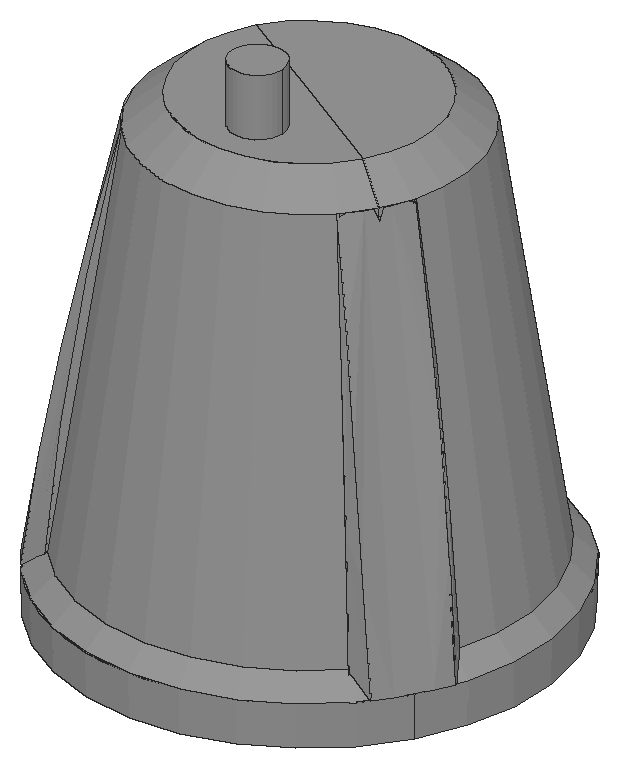
Revit family "AD-P4T", category Communication Devices, Revit 2014
Parameters
  Width [instance] = 237.013 mm
  Weight Product (lb) = 6.5
  Weight Product (kg) = 2.9
  Weight Dimensional (lb) = 8.7
  Weight Dimensional (kg) = 3.9
  URL = "http://www.qsc.com/systems/products/loudspeakers/pendant-loudspeakers/acousticdesigntm-series-pendant/ad-p4t/"
  Sensitivity = 87.9
  SPL Max = 108
  Regulatory Compliance = "UL1480, UL1876, RoHS, C-Tick, CE, UL94-V0, UL94-5VB"
  Product Page URL = "http://www.qsc.com/systems/products/loudspeakers/pendant-loudspeakers/acousticdesigntm-series-pendant/ad-p4t/"
  Product Documentation Link = "http://www.qsc.com/resource-files/productresources/spk/ad/ad-p4t/q_spk_adp_4t_specs.pdf"
  Power Handling = 30
  Model = "AD-P4T"
  Manufacturer URL = "qsc.com"
  Manufacturer = "QSC Audio Products, LLC"
  Impedance = 16
  Height [instance] = 272 mm
  Grille Material [instance] = White Powder Coated Mesh
  Enclosure Material [instance] = White Finish
  Description = "4.5\" 2-Way Pendant-Mount Loudspeaker\r\n\r\n12-inch, Two-way Trapezoidal Enclosure with 90-degree Axisymmetric Coverage"
  Depth [instance] = 237.036 mm
  Default Elevation = 0 mm
  Coverage Vertical = 150.00°
  Coverage Horizontal = 150.00°
  70V Taps = "3.75, 7.5, 15, 30"
  100V Taps = "7.5, 15, 30"
Reference planes
  plane 1 "Front": y = 0
  plane 2 "Center (Elevation)": z = 0
  plane 3 "Center (Left/Right)": x = 0
  plane 4: z = 227.96
  plane 5 "Back of Can": z = 241.96
  plane 6: z = 21
  plane 7: z = 30.89
  plane 8 "Back of Assembly": z = 272
  plane 9 "RP1": through (0, 0, 1219.2) normal (0.6819, -0.7314, 0)
  plane 10 "RP2": through (0, 0, 1219.2) normal (-0.2923, 0.9563, 0)
  plane 11 "RP3": through (0, 0, 1219.2) normal (-0.9744, -0.2249, 0)
  plane 12 "RP4": through (0, 0, 1219.2) normal (0.9744, -0.225, 0)
  plane 13: through (0, 0, 1219.2) normal (0.2924, 0.9563, 0)
  plane 14: through (0, 0, 1219.2) normal (-0.6821, -0.7313, 0)
  plane 15: x = -118.506
  plane 16: x = 118.506
  plane 17: y = 118.518
  plane 18: y = -118.518
Forms (mm)
  Revolve 1, solid, material "White Finish" <- "Enclosure Material"
    sketch origin (0, 0, -4.3) x (0.866025, -0.5, 0) y (0, 0, 1)
      loop
        line (0, 25.3) -> (0, 246.26) -> (-60, 246.26) -> (-77.51, 232.26)
        arc (-77.51, 232.26) -> (-95.563, 134.118) -> (-107.986, 35.107) r 1748
        line (-107.986, 35.107) -> (-118.44, 25.3) -> (0, 25.3)
      axis (0, 246.26) -> (0, 25.3)
    angle from 0 to 360
  Revolve 2, solid, material "White Finish" <- "Enclosure Material"
    sketch origin (0, 0, -4.3) x (0.866025, -0.5, 0) y (0, 0, 1)
      loop
        line (0, 25.39) -> (-118.35, 25.39) -> (-117.913, 4.3) -> (0, 4.3) -> (0, 25.39)
      axis (0, 25.39) -> (0, 4.3)
    angle from 0 to 360
  Revolve 3, solid, material "White Finish" <- "Enclosure Material"
    sketch origin (0, 0, -4.3) x (0.731404, 0.681944, 0) y (0, 0, 1)
      loop
        line (0, 25.3) -> (0, 232.26) -> (-77.5, 232.26)
        arc (-77.5, 232.26) -> (-101.614, 129.507) -> (-118.363, 25.3) r 1484
        line (-118.363, 25.3) -> (0, 25.3)
      axis (0, 232.26) -> (0, 25.3)
    angle from 0 to 26
  Revolve 4, solid, material "White Powder Coated Mesh" <- "Grille Material"
    sketch origin (0, 0, -4.3) x (0.866025, -0.5, 0) y (0, 0, 1)
      loop
        line (0, 8.3) -> (-92.702, 8.3) -> (-92.702, 4.3) -> (0, 4.3) -> (0, 8.3)
      axis (0, 8.3) -> (0, 4.3)
    angle from 0 to 360
  Extrusion 5, solid, material "White Finish" <- "Enclosure Material"
    sketch origin (0, 0, 241.96) x (0, -1, 0) y (1, 0, 0)
      loop
        circle (34, 0) r 13
    from 0 to 30.04
  Revolve 6, solid, material "Black Finish"
    sketch origin (0, 0, -0.3) x (0.866025, -0.5, 0) y (0, 0, 1)
      loop
        line (0, 8.3) -> (-92.702, 8.3) -> (-92.702, 4.3) -> (0, 4.3) -> (0, 8.3)
      axis (0, 8.3) -> (0, 4.3)
    angle from 0 to 360
  Revolve 7, void
    sketch origin (0, 0, -4.3) x (0.866025, -0.5, 0) y (0, 0, 1)
      loop
        line (0, 10.851) -> (-92.702, 10.851) -> (-92.702, 4.3) -> (0, 4.3) -> (0, 10.851)
      axis (0, 10.851) -> (0, 4.3)
    angle from 0 to 360
  SweptBlend 8, void
    path origin (0, 0, 0) x (0.731404, 0.681944, 0) y (0, 0, 1)
      loop
        arc (-77.5, 227.96) -> (-101.614, 125.207) -> (-118.363, 21) r 1484
    profile origin (-56.684, -52.851, 227.96) x (0.705667, 0.657947, -0.262946) y (0.681944, -0.731404, 0)
      loop
        line (0, 0) -> (3.676, 3.39) -> (-3.39, 3.676) -> (-3.676, -3.39) -> (0, 0)
    end profile origin (-86.571, -80.717, 21) x (0.725807, 0.676725, -0.123485) y (0.681944, -0.731404, 0)
      loop
        line (0, 0) -> (-5.305, -13.135) -> (13.472, 4.379) -> (0, 0)
  SweptBlend 9, void
    path origin (0, 0, 0) x (-0.956327, -0.292301, 0) y (0, 0, 1)
      loop
        arc (77.5, 227.96) -> (101.614, 125.207) -> (118.363, 21) r 1484
    profile origin (-74.115, -22.653, 227.96) x (-0.922674, -0.282015, 0.262946) y (-0.292301, 0.956327, 0)
      loop
        line (0, 0) -> (3.676, -3.39) -> (3.39, 3.676) -> (-3.676, 3.39) -> (0, 0)
    end profile origin (-113.194, -34.598, 21) x (-0.949007, -0.290063, 0.123485) y (-0.292301, 0.956327, 0)
      loop
        line (0, 0) -> (-13.472, 4.379) -> (5.305, -13.135) -> (0, 0)
  Revolve 10, solid, material "White Finish" <- "Enclosure Material"
    sketch origin (0, 0, -4.3) x (0.224879, -0.974387, 0) y (0, 0, 1)
      loop
        line (0, 25.3) -> (0, 232.26) -> (-77.5, 232.26)
        arc (-77.5, 232.26) -> (-101.614, 129.507) -> (-118.363, 25.3) r 1484
        line (-118.363, 25.3) -> (0, 25.3)
      axis (0, 232.26) -> (0, 25.3)
    angle from 0 to 26
  SweptBlend 11, void
    path origin (0, 0, 0) x (0.224879, -0.974387, 0) y (0, 0, 1)
      loop
        arc (-77.5, 227.96) -> (-101.614, 125.207) -> (-118.363, 21) r 1484
    profile origin (-17.428, 75.515, 227.96) x (0.216965, -0.940099, -0.262946) y (-0.974387, -0.224879, 0)
      loop
        line (0, 0) -> (3.676, 3.39) -> (-3.39, 3.676) -> (-3.676, -3.39) -> (0, 0)
    end profile origin (-26.617, 115.332, 21) x (0.223157, -0.966929, -0.123485) y (-0.974387, -0.224879, 0)
      loop
        line (0, 0) -> (-5.305, -13.135) -> (13.472, 4.379) -> (0, 0)
  SweptBlend 12, void
    path origin (0, 0, 0) x (0.225024, 0.974353, 0) y (0, 0, 1)
      loop
        arc (77.5, 227.96) -> (101.614, 125.207) -> (118.363, 21) r 1484
    profile origin (17.439, 75.512, 227.96) x (0.217105, 0.940066, 0.262946) y (0.974353, -0.225024, 0)
      loop
        line (0, 0) -> (3.676, -3.39) -> (3.39, 3.676) -> (-3.676, 3.39) -> (0, 0)
    end profile origin (26.635, 115.328, 21) x (0.223301, 0.966896, 0.123485) y (0.974353, -0.225024, 0)
      loop
        line (0, 0) -> (-13.472, 4.379) -> (5.305, -13.135) -> (0, 0)
  Revolve 13, solid, material "White Finish" <- "Enclosure Material"
    sketch origin (0, 0, -4.3) x (-0.956283, 0.292443, 0) y (0, 0, 1)
      loop
        line (0, 25.3) -> (0, 232.26) -> (-77.5, 232.26)
        arc (-77.5, 232.26) -> (-101.614, 129.507) -> (-118.363, 25.3) r 1484
        line (-118.363, 25.3) -> (0, 25.3)
      axis (0, 232.26) -> (0, 25.3)
    angle from 0 to 26
  SweptBlend 14, void
    path origin (0, 0, 0) x (-0.956283, 0.292443, 0) y (0, 0, 1)
      loop
        arc (-77.5, 227.96) -> (-101.614, 125.207) -> (-118.363, 21) r 1484
    profile origin (74.112, -22.664, 227.96) x (-0.922632, 0.282152, -0.262946) y (0.292443, 0.956283, 0)
      loop
        line (0, 0) -> (3.676, 3.39) -> (-3.39, 3.676) -> (-3.676, -3.39) -> (0, 0)
    end profile origin (113.189, -34.615, 21) x (-0.948964, 0.290205, -0.123485) y (0.292443, 0.956283, 0)
      loop
        line (0, 0) -> (-5.305, -13.135) -> (13.472, 4.379) -> (0, 0)
  SweptBlend 15, void
    path origin (0, 0, 0) x (0.731303, -0.682053, 0) y (0, 0, 1)
      loop
        arc (77.5, 227.96) -> (101.614, 125.207) -> (118.363, 21) r 1484
    profile origin (56.676, -52.859, 227.96) x (0.705569, -0.658052, 0.262946) y (-0.682053, -0.731303, 0)
      loop
        line (0, 0) -> (3.676, -3.39) -> (3.39, 3.676) -> (-3.676, 3.39) -> (0, 0)
    end profile origin (86.559, -80.73, 21) x (0.725706, -0.676833, 0.123485) y (-0.682053, -0.731303, 0)
      loop
        line (0, 0) -> (-13.472, 4.379) -> (5.305, -13.135) -> (0, 0)
Cuts and joins
  Revolve 7 cuts Revolve 2
  SweptBlend 8, SweptBlend 9, SweptBlend 11, SweptBlend 12, SweptBlend 14, SweptBlend 15 cuts Revolve 3
  SweptBlend 11, SweptBlend 12 cuts Revolve 10
  SweptBlend 14, SweptBlend 15 cuts Revolve 13
Dimensions and locks
  plane 4 to plane 5 "Back of Can" = 14 mm
  plane 6 to plane 7 = 9.89 mm
  plane 7 to plane 4 = 197.07 mm
  "Height": plane 8 "Back of Assembly" to level
  plane 6 to level = 21 mm
  plane 4 to plane 7 = 197.07 mm
  plane 8 "Back of Assembly" to plane 5 "Back of Can" = 30.04 mm
  "Width": plane 16 to plane 15
  equal spacing: plane 16, plane 3 "Center (Left/Right)", plane 15
  equal spacing: plane 17, plane 1 "Front", plane 18
  "Depth": plane 17 to plane 18
  aligned and locked: plane 2 "Center (Elevation)" to level
  aligned and locked: plane 6 to Revolve 1 sketch curve
  aligned and locked: Revolve 1 sketch curve to plane 5 "Back of Can"
  aligned and locked: plane 4 to Revolve 1 sketch curve
  aligned and locked: plane 4 to Revolve 3 sketch curve
  aligned and locked: plane 6 to Revolve 3 sketch curve
  aligned and locked: Extrusion 5 to plane 8 "Back of Assembly"
Automatic sketch dimensions
  Revolve 1 sketch curve to plane 7 = 0.083 mm
  Revolve 1 sketch curve to Revolve 1 sketch curve = 10.454 mm
  Revolve 1 sketch curve to Revolve 1 sketch curve = 30.476 mm
  Revolve 1 sketch curve to Revolve 1 sketch curve = 17.51 mm
  Revolve 1 sketch curve to Revolve 1 sketch curve = 60 mm
  Revolve 1 sketch curve to level = 137.216 mm
  Revolve 1 sketch curve to Revolve 1 sketch curve = 0 mm
  Revolve 1 sketch curve to Revolve 1 sketch curve = 0.09 mm
  plane 4 to Revolve 1 sketch curve = 17.6 mm
  Revolve 2 sketch curve to level = 0 mm  (x2)
  plane 6 to Revolve 2 sketch curve = 0.09 mm
  Revolve 2 sketch curve to Revolve 2 sketch curve = 0.437 mm
  Revolve 2 sketch curve to Revolve 2 sketch curve = 118.35 mm
  Revolve 2 sketch curve to Revolve 2 sketch curve = 0 mm  (x2)
  Revolve 3 sketch curve to Revolve 3 sketch curve = 40.863 mm
  Revolve 3 sketch curve to Revolve 3 sketch curve = 118.363 mm
  Revolve 3 sketch curve to level = 162.252 mm
  Revolve 3 sketch curve to Revolve 3 sketch curve = 0 mm
  Revolve 3 sketch curve to Revolve 3 sketch curve = 0.09 mm
  Revolve 3 sketch curve to Revolve 3 sketch curve = 17.6 mm
  Revolve 4 sketch curve to level = 0 mm  (x2)
  level to Revolve 4 sketch curve = 4 mm
  Revolve 4 sketch curve to Revolve 4 sketch curve = 92.702 mm
  Revolve 4 sketch curve to Revolve 4 sketch curve = 0 mm
  Revolve 4 sketch curve to Revolve 4 sketch curve = 4.3 mm
  Extrusion 5 sketch curve to plane 3 "Center (Left/Right)" = 0 mm
  Extrusion 5 sketch curve to plane 1 "Front" = 34 mm
  level to Revolve 6 sketch curve = 4 mm
  level to Revolve 6 sketch curve = 8 mm
  Revolve 6 sketch curve to Revolve 6 sketch curve = 92.702 mm
  Revolve 6 sketch curve to Revolve 6 sketch curve = 0 mm  (x2)
  Revolve 6 sketch curve to level = 0.3 mm
  Revolve 7 sketch curve to level = 0 mm  (x2)
  level to Revolve 7 sketch curve = 6.551 mm
  Revolve 7 sketch curve to Revolve 7 sketch curve = 92.702 mm
  Revolve 7 sketch curve to Revolve 7 sketch curve = 0 mm
  Revolve 7 sketch curve to Revolve 7 sketch curve = 4.3 mm
  SweptBlend 8 sketch curve to plane 6 = 0 mm
  plane 4 to SweptBlend 8 sketch curve = 0 mm
  SweptBlend 8 sketch curve to level = 162.252 mm
  SweptBlend 8 sketch curve to SweptBlend 8 sketch curve = 1431.779 mm
  SweptBlend 8 sketch curve to plane 9 "RP1" = 0 mm  (x2)
  SweptBlend 8 sketch curve to profile plane = 0 mm  (x2)
  profile plane to SweptBlend 8 sketch curve = 3.39 mm
  profile plane to SweptBlend 8 sketch curve = 3.676 mm
  SweptBlend 8 sketch curve to profile plane = 3.676 mm
  SweptBlend 8 sketch curve to plane 9 "RP1" = 3.39 mm
  plane 9 "RP1" to SweptBlend 8 sketch curve = 3.39 mm
  profile plane to SweptBlend 8 sketch curve = 5.305 mm
  plane 9 "RP1" to SweptBlend 8 sketch curve = 4.379 mm
  SweptBlend 8 sketch curve to profile plane = 13.472 mm
  SweptBlend 8 sketch curve to plane 9 "RP1" = 13.135 mm
  SweptBlend 9 sketch curve to plane 4 = 0 mm
  plane 6 to SweptBlend 9 sketch curve = 0 mm
  SweptBlend 9 sketch curve to level = 162.252 mm
  SweptBlend 9 sketch curve to SweptBlend 9 sketch curve = 1431.779 mm
  profile plane to SweptBlend 9 sketch curve = 0 mm  (x4)
  profile plane to SweptBlend 9 sketch curve = 3.676 mm
  SweptBlend 9 sketch curve to profile plane = 3.39 mm  (x2)
  SweptBlend 9 sketch curve to profile plane = 3.676 mm
  profile plane to SweptBlend 9 sketch curve = 3.39 mm
  profile plane to SweptBlend 9 sketch curve = 4.379 mm
  profile plane to SweptBlend 9 sketch curve = 13.472 mm
  SweptBlend 9 sketch curve to profile plane = 5.305 mm
  SweptBlend 9 sketch curve to profile plane = 13.135 mm
  Revolve 10 sketch curve to plane 6 = 0 mm
  plane 4 to Revolve 10 sketch curve = 0 mm
  Revolve 10 sketch curve to Revolve 10 sketch curve = 40.863 mm
  Revolve 10 sketch curve to Revolve 10 sketch curve = 118.363 mm
  Revolve 10 sketch curve to level = 162.252 mm
  Revolve 10 sketch curve to Revolve 10 sketch curve = 0 mm
  plane 6 to Revolve 10 sketch curve = 0.09 mm
  plane 4 to Revolve 10 sketch curve = 17.6 mm
  SweptBlend 11 sketch curve to plane 6 = 0 mm
  plane 4 to SweptBlend 11 sketch curve = 0 mm
  SweptBlend 11 sketch curve to level = 162.252 mm
  SweptBlend 11 sketch curve to SweptBlend 11 sketch curve = 1431.779 mm
  SweptBlend 11 sketch curve to plane 11 "RP3" = 0 mm  (x2)
  profile plane to SweptBlend 11 sketch curve = 0 mm  (x2)
  profile plane to SweptBlend 11 sketch curve = 3.39 mm
  profile plane to SweptBlend 11 sketch curve = 3.676 mm
  SweptBlend 11 sketch curve to profile plane = 3.676 mm
  SweptBlend 11 sketch curve to plane 11 "RP3" = 3.39 mm
  plane 11 "RP3" to SweptBlend 11 sketch curve = 3.39 mm
  profile plane to SweptBlend 11 sketch curve = 5.305 mm
  plane 11 "RP3" to SweptBlend 11 sketch curve = 4.379 mm
  SweptBlend 11 sketch curve to profile plane = 13.472 mm
  SweptBlend 11 sketch curve to plane 11 "RP3" = 13.135 mm
  plane 4 to SweptBlend 12 sketch curve = 0 mm
  SweptBlend 12 sketch curve to plane 6 = 0 mm
  SweptBlend 12 sketch curve to level = 162.252 mm
  SweptBlend 12 sketch curve to SweptBlend 12 sketch curve = 1431.779 mm
  SweptBlend 12 sketch curve to profile plane = 0 mm  (x4)
  profile plane to SweptBlend 12 sketch curve = 3.676 mm
  SweptBlend 12 sketch curve to profile plane = 3.39 mm  (x2)
  SweptBlend 12 sketch curve to profile plane = 3.676 mm
  profile plane to SweptBlend 12 sketch curve = 3.39 mm
  profile plane to SweptBlend 12 sketch curve = 4.379 mm
  profile plane to SweptBlend 12 sketch curve = 13.472 mm
  SweptBlend 12 sketch curve to profile plane = 5.305 mm
  SweptBlend 12 sketch curve to profile plane = 13.135 mm
  plane 6 to Revolve 13 sketch curve = 0 mm
  Revolve 13 sketch curve to plane 4 = 0 mm
  Revolve 13 sketch curve to Revolve 13 sketch curve = 40.863 mm
  Revolve 13 sketch curve to Revolve 13 sketch curve = 118.363 mm
  Revolve 13 sketch curve to level = 162.252 mm
  Revolve 13 sketch curve to Revolve 13 sketch curve = 0 mm
  plane 6 to Revolve 13 sketch curve = 0.09 mm
  plane 4 to Revolve 13 sketch curve = 17.6 mm
  plane 6 to SweptBlend 14 sketch curve = 0 mm
  SweptBlend 14 sketch curve to plane 4 = 0 mm
  SweptBlend 14 sketch curve to level = 162.252 mm
  SweptBlend 14 sketch curve to SweptBlend 14 sketch curve = 1431.779 mm
  plane 13 to SweptBlend 14 sketch curve = 0 mm  (x2)
  SweptBlend 14 sketch curve to profile plane = 0 mm  (x2)
  profile plane to SweptBlend 14 sketch curve = 3.39 mm
  profile plane to SweptBlend 14 sketch curve = 3.676 mm
  SweptBlend 14 sketch curve to profile plane = 3.676 mm
  SweptBlend 14 sketch curve to plane 13 = 3.39 mm
  plane 13 to SweptBlend 14 sketch curve = 3.39 mm
  profile plane to SweptBlend 14 sketch curve = 5.305 mm
  plane 13 to SweptBlend 14 sketch curve = 4.379 mm
  SweptBlend 14 sketch curve to profile plane = 13.472 mm
  SweptBlend 14 sketch curve to plane 13 = 13.135 mm
  plane 4 to SweptBlend 15 sketch curve = 0 mm
  SweptBlend 15 sketch curve to plane 6 = 0 mm
  SweptBlend 15 sketch curve to level = 162.252 mm
  SweptBlend 15 sketch curve to SweptBlend 15 sketch curve = 1431.779 mm
  profile plane to SweptBlend 15 sketch curve = 0 mm  (x2)
  SweptBlend 15 sketch curve to profile plane = 0 mm  (x2)
  profile plane to SweptBlend 15 sketch curve = 3.676 mm
  SweptBlend 15 sketch curve to profile plane = 3.39 mm  (x2)
  SweptBlend 15 sketch curve to profile plane = 3.676 mm
  profile plane to SweptBlend 15 sketch curve = 3.39 mm
  profile plane to SweptBlend 15 sketch curve = 4.379 mm
  profile plane to SweptBlend 15 sketch curve = 13.472 mm
  SweptBlend 15 sketch curve to profile plane = 5.305 mm
  SweptBlend 15 sketch curve to profile plane = 13.135 mm
  radius of Extrusion 5 sketch curve = 13 mm
